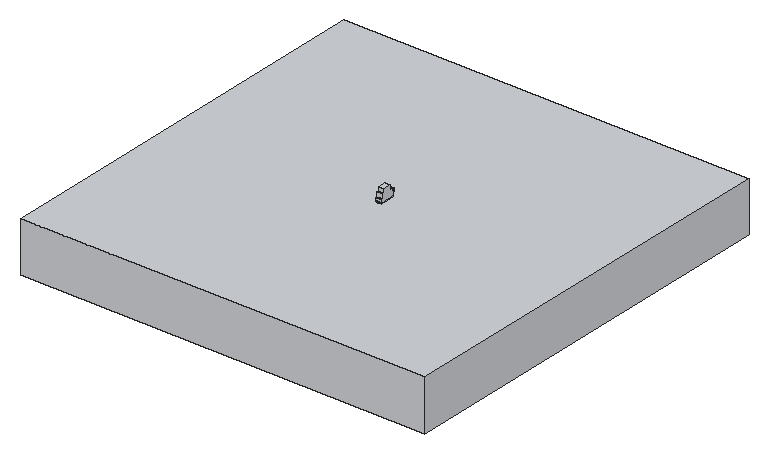
Revit family "Gira_102300", category Elektroinstallationen, Revit 2017
Family settings
  Basisbauteil = Fläche
  Beschriftungsausrichtung beibehalten = Nein
  Bemaßung runder Anschluss = Durchmesser verwenden
  Teiletyp = Normal
  Beim Laden mit Abzugskörper schneiden = Nein
  Gemeinsam genutzt = Nein
  Raumberechnungspunkt = Nein
Parameters
  Default Elevation = 1219.2 mm
  URL = "https://www.gira.de/"
  Typname = "Bereichs-/Linienkoppler Linienverstärker KNX REG"
  Produktseite = "http://katalog.gira.de/de_DE/datenblatt.html?artikelnr=102300"
  Montageart = "REG"
  Mit Busankopplung = no
  Logischer Baustein = yes
  Hersteller = "Gira"
  HAN = "102300"
  GTIN = "4010337040798"
  Datenblatt = "https://katalog.gira.de/de_DE/download.html?artikelnr=102300"
  Bussystem Powernet = no
  Bussystem LON = no
  Bussystem KNX-Funk = no
  Bussystem KNX = yes
  Bussystem Funkbus = no
  Breite in Teilungseinheiten = 2
  Beschreibung = "KNX Bereichs- Linienkoppler bzw. Linienverstärker  REG plus Merkmale: - Der Bereichs- Linienkoppler verbindet datentechnisch zwei KNX Linien miteinander und gewährleistet eine galvanische Trennung zwischen diesen Linien. Dadurch kann jede Buslinie einer KNX Installation elektrisch unabhängig von den anderen Linien betrieben werden. Bereichs- Linienkoppler: - Einsatz als Bereichs- oder Linienkoppler je nach Vergabe der physikalischen Adresse und Parametrierung. - Verringerung der Busbelastung durch Filterfunktion (Filtertabelle). - Weiterleitung von Gruppentelegrammen parametrierbar. - Wiederholungsrate bei Übertragungsfehlern. - Telegrammbestätigung parametrierbar. - Unterstützung des vollständig erweiterten Gruppenadressbereichs von 0 bis 31 mit den Funktionen sperren\", \"ungefiltert weiterleiten\" und \"filtern\" in beide Kommunikationsrichtungen zwischen Haupt- und Unterlinie. - Funktion \"ungefiltert weiterleiten\" und \"sperren\" auch für physikalisch adressierte Telegramme zwischen Haupt- und Unterlinie in beide Kommunikationsrichtungen auswählbar (Programmier- und Sabotageschutz). - Funktion \"Wiederholung : ja nein\" bei Übertragungsfehlern auf der Haupt- bzw. Unterlinie für die Telegrammart \"Broadcast\" separat einstellbar. - Telegrammbestätigung auf der Haupt- bzw. Unterlinie mit den Einstellungen \"immer\" und \"nur bei Weiterleitung\" separat für Gruppentelegramme und physikalisch adressierte Telegramme möglich. - Für physikalisch adressierte Telegramme ist die Einstellung \"immer abweisen NACK (Not-Acknowledge)\" auswählenbar (Programmierschutz mit Rückmeldung). Linienverstärker: - Als Linienverstärker ist die Erweiterung von Linien auf max. vier Liniensegmente (max. drei parallelgeschaltete Linienverstärker pro Linie) mit jeweils bis zu 64 Teilnehmern möglich. - Wiederholungsrate bei Übertragungsfehlern.  Hinweise : - Für jede Linie (Bereichslinie, Hauptlinie, Linie) bzw. jedes Liniensegment ist eine separate Spannungsversorgung notwendig.\""
  BIM = "https://media.stage.bim.site/public/gira/876eb45/Gira%20X1%20REG%20KNX.rfa?public/gira/876eb45/Gira X1 REG KNX.rfa"
  Andere Bussysteme = "ohne"
Reference planes
  plane 1 "Center (Front/Back)": y = 0
  plane 2: z = 0
  plane 3 "Center (Left/Right)": x = 0
Forms (mm)
  Extrusion 1, solid
    sketch origin (0, 0, 0) x (1, 0, 0) y (0, 1, 0)
      loop
        line (-1219.2, 1219.2) -> (-1219.2, -1219.2) -> (1219.2, -1219.2) -> (1219.2, 1219.2) -> (-1219.2, 1219.2)
    from 0 to -304.8
  Extrusion 2, solid, detail levels fine
    sketch origin (0, -0.2, 0) x (0, 1, 0) y (0, 0, 1)
      loop
        line (22.65, 43.82) -> (22.65, 68.77) -> (-22.25, 68.77) -> (-22.25, 43.82) -> (-30.4, 43.82) -> (-30.4, 19.42) -> (-44.8, 19.42) -> (-44.8, 1.97) -> (45.192, 1.97) -> (45.192, 28.47) -> (32.925, 28.47) -> (32.831, 39.259) -> (31.225, 41.242) -> (31.225, 43.82) -> (22.65, 43.82)
    from -17.95 to 17.95
  Extrusion 3, solid, detail levels fine
    sketch origin (0, -0.2, 0) x (0, 1, 0) y (0, 0, 1)
      loop
        line (45.192, 43.82) -> (31.225, 43.82) -> (31.225, 41.242) -> (32.831, 39.259) -> (32.925, 28.47) -> (45.192, 28.47) -> (45.192, 43.82)
    from -17.95 to -15.8
  Extrusion 4, solid, detail levels fine
    sketch origin (0, -0.2, 0) x (0, 1, 0) y (0, 0, -1)
      loop
        line (45.192, -43.82) -> (45.192, -28.47) -> (32.925, -28.47) -> (32.831, -39.259) -> (31.225, -41.242) -> (31.225, -43.82) -> (45.192, -43.82)
    from -17.95 to -15.8
  Extrusion 5, solid, detail levels fine
    sketch origin (0, -0.2, 0) x (0, 1, 0) y (0, 0, 1)
      loop
        line (31.5, 42.848) -> (31.5, 40.412)
        arc (31.5, 40.412) -> (38.359, 39.512) -> (45.192, 38.435) r 267
        line (45.192, 38.435) -> (45.192, 14.255)
        arc (45.192, 14.255) -> (50.205, 15.189) -> (55.2, 16.219) r 264.9
        line (55.2, 16.219) -> (55.2, 38.933)
        arc (55.2, 38.933) -> (43.394, 41.159) -> (31.5, 42.848) r 265
    from -15.506 to 15.5
  Extrusion 6, solid, detail levels fine
    sketch origin (0, -0.2, 0) x (0, 1, 0) y (0, 0, 1)
      loop
        line (45.2, 1.5) -> (17.774, 1.5) -> (17.905, -6.017)
        arc (17.905, -6.017) -> (20.285, -6.454) -> (22.7, -6.6) r 20
        arc (22.7, -6.6) -> (33.985, -5.009) -> (45.128, -2.618) r 160
        line (45.128, -2.618) -> (45.2, 1.5)
    from -17.95 to 18
  Extrusion 7, solid, detail levels fine
    sketch origin (0, -0.2, 0) x (0, 1, 0) y (0, 0, 1)
      loop
        line (17.905, -6.017) -> (17.824, -1.4) -> (16.8, -1.4) -> (14.749, -4.952)
        arc (14.749, -4.952) -> (16.305, -5.55) -> (17.905, -6.017) r 20
    from -17.95 to -13
  Extrusion 8, solid, detail levels fine
    sketch origin (0, -0.2, 0) x (0, 1, 0) y (0, 0, -1)
      loop
        arc (17.905, 6.017) -> (16.305, 5.55) -> (14.749, 4.952) r 20
        line (14.749, 4.952) -> (16.8, 1.4) -> (17.824, 1.4) -> (17.905, 6.017)
    from -17.95 to -13
  Extrusion 9, solid, detail levels fine
    sketch origin (0, -0.2, 0) x (0, 1, 0) y (0, 0, 1)
      loop
        line (17.8, 0) -> (17.774, 1.5) -> (-44.8, 1.5) -> (-44.774, 0) -> (17.8, 0)
    from -17.95 to 17.95
  Extrusion 10, solid, detail levels fine
    sketch origin (0, 0, 0) x (0, 1, 0) y (0, 0, 1)
      loop
        line (-48.916, -3.317) -> (-44.906, -3.881) -> (-44.974, 0) -> (-48.916, 0) -> (-48.916, -3.317)
    from -4.803 to 4.797
  Extrusion 11, solid, detail levels fine
    sketch origin (0, 0, 0) x (0, 1, 0) y (0, 0, 1)
      loop
        arc (-22.5, -6.6) -> (-20.811, -6.529) -> (-19.134, -6.315) r 20
        line (-19.134, -6.315) -> (-18.029, -3.279) -> (-18, 0) -> (-44.974, 0) -> (-44.928, -2.618)
        arc (-44.928, -2.618) -> (-33.785, -5.009) -> (-22.5, -6.6) r 160
    from -17.95 to -10.5
  Extrusion 12, solid, detail levels fine
    sketch origin (0, 0, 0) x (0, 1, 0) y (0, 0, -1)
      loop
        arc (-22.5, 6.6) -> (-33.785, 5.009) -> (-44.928, 2.618) r 160
        line (-44.928, 2.618) -> (-44.974, 0) -> (-18, 0) -> (-18.029, 3.279) -> (-19.134, 6.315)
        arc (-19.134, 6.315) -> (-20.811, 6.529) -> (-22.5, 6.6) r 20
    from -17.95 to -10.5
  Extrusion 13, solid, detail levels fine
    sketch origin (0, 0, 0) x (0, 1, 0) y (0, 0, 1)
      loop
        line (-30.708, -6.6) -> (-30.65, 0) -> (-44.974, 0) -> (-44.859, -6.6) -> (-30.708, -6.6)
    from -10.5 to 10.5
  Extrusion 14, solid, detail levels fine
    sketch origin (0, 0, 0) x (1, 0, 0) y (0, 1, 0)
      loop
        circle (-0.003, -20.023) r 1
    from -7.682 to 0
  Extrusion 15, solid, detail levels fine
    sketch origin (0, 0, 0) x (0, 1, 0) y (0, 0, 1)
      loop
        line (-17.523, -0.8) -> (-17.523, 0) -> (-30.65, 0) -> (-30.684, -3.9) -> (-27.106, -3.9) -> (-27.106, -5.6) -> (-19.623, -6.6) -> (-18.03, -6.6) -> (-15.023, -2.682) -> (-15.023, -1.517) -> (-17.523, -0.8)
    from -4.503 to 4.5
  Extrusion 16, solid, detail levels fine
    sketch origin (0, 0, 0) x (1, 0, 0) y (0, 1, 0)
      loop
        line (16.859, 43.848) -> (-16.859, 43.848) -> (-16.859, -43.859) -> (16.859, -43.859) -> (16.859, 43.848)
    from 1.5 to 4
  Extrusion 17, solid, detail levels medium
    sketch origin (0, 0, 0) x (0, 1, 0) y (0, 0, 1)
      loop
        line (22.45, 68.77) -> (-22.45, 68.77) -> (-22.45, 43.82) -> (-30.6, 43.82) -> (-30.6, 19.42) -> (-45, 19.42) -> (-45, 0) -> (-48.916, 0) -> (-48.916, -6.6) -> (-15.023, -6.6) -> (-15.023, 0) -> (14.549, 0) -> (14.549, -6.6) -> (44.992, -6.6) -> (44.992, 14.255)
        arc (44.992, 14.255) -> (50.005, 15.189) -> (55, 16.219) r 264.9
        line (55, 16.219) -> (55, 38.933)
        arc (55, 38.933) -> (50.005, 39.943) -> (44.992, 40.856) r 265
        line (44.992, 40.856) -> (44.992, 43.82) -> (22.45, 43.82) -> (22.45, 68.77)
    from -17.95 to 17.95
  Extrusion 18, solid, detail levels coarse
    sketch origin (0, 0, 0) x (1, 0, 0) y (0, 1, 0)
      loop
        line (-17.95, 55) -> (-17.95, -48.916) -> (17.95, -48.916) -> (17.95, 55) -> (-17.95, 55)
    from -7.682 to 68.77
Dimensions and locks
  aligned and locked: plane 2 to Extrusion 1
  aligned and locked: level to Extrusion 1
Connectors
  electrical at (0, -13.687, 0)
    settings: on Extrusion 9, index 1, voltage 24 V, apparent load 0 VA, apparent load phase1 0 VA, apparent load phase2 0 VA, apparent load phase3 0 VA, power factor 1, load classification "Other", number of poles 1, system type 30, power factor state 1, is connector primary yes, connector utility no, sub classification motor no, connector description ""
